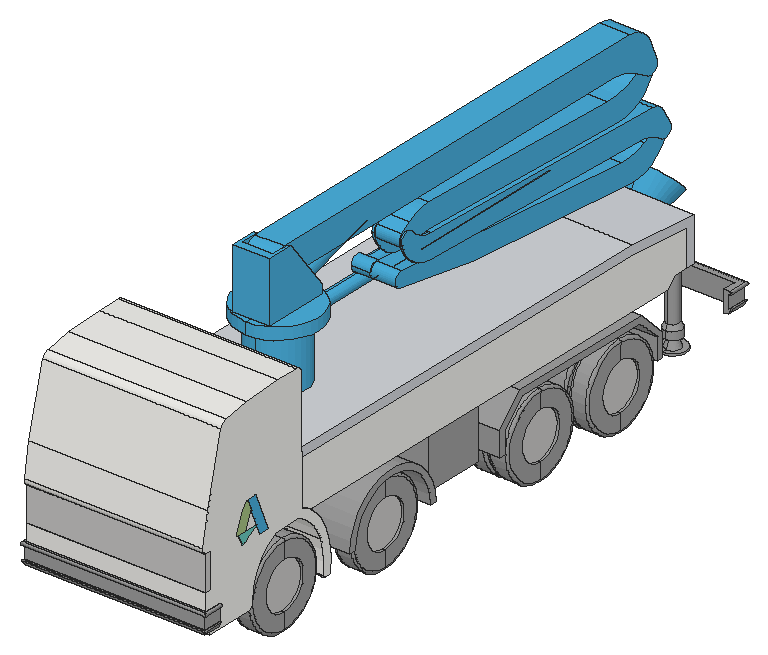
Revit family "CONCRETE BOOM PUMP TRUCK-5-2 2020", category Entourage, Revit 2020 (continued)
Automatic sketch dimensions
  plane 3 "Mitte (links/rechts)" to Sweep 33 sketch curve = 340 mm
  Sweep 33 sketch curve to Sweep 33 sketch curve = 474.518 mm
  Sweep 33 sketch curve to Sweep 33 sketch curve = 278.708 mm
  plane 5 to Extrusion 36 sketch curve = 1676.281 mm
  Extrusion 36 sketch curve to plane 4 = 1678.929 mm
  Extrusion 36 sketch curve to plane 13 "Anschluss 2" = 352.055 mm
  Extrusion 36 sketch curve to Extrusion 36 sketch curve = 320.757 mm
  Extrusion 36 sketch curve to Extrusion 36 sketch curve = 120.33 mm  (x2)
  Extrusion 36 sketch curve to Extrusion 36 sketch curve = 0 mm
  plane 3 "Mitte (links/rechts)" to Extrusion 46 sketch curve = 270 mm
  Extrusion 46 sketch curve to plane 4 = 1673.69 mm
  Extrusion 46 sketch curve to plane 3 "Mitte (links/rechts)" = 270 mm
  Extrusion 46 sketch curve to plane 4 = 648.83 mm
  Extrusion 36 sketch curve to Extrusion 36 sketch curve = 589.342 mm
  Extrusion 36 sketch curve to plane 13 "Anschluss 2" = 272.431 mm
  Extrusion 36 sketch curve to Extrusion 36 sketch curve = 9.834 mm
  Extrusion 36 sketch curve to Extrusion 36 sketch curve = 484.475 mm
  Extrusion 47 sketch curve to plane 4 = 1678.929 mm
  Extrusion 47 sketch curve to plane 4 = 768.83 mm
  plane 5 to Extrusion 47 sketch curve = 1666.447 mm
  Extrusion 47 sketch curve to Extrusion 47 sketch curve = 484.475 mm
  Extrusion 47 sketch curve to Extrusion 47 sketch curve = 120 mm  (x2)
  Extrusion 47 sketch curve to Extrusion 47 sketch curve = 109.96 mm
  Extrusion 47 sketch curve to plane 13 "Anschluss 2" = 242.095 mm
  Extrusion 47 sketch curve to Extrusion 47 sketch curve = 2.092 mm
  Extrusion 47 sketch curve to Extrusion 47 sketch curve = 5.239 mm
  Extrusion 47 sketch curve to plane 13 "Anschluss 2" = 152.431 mm
  curve 3 to plane 3 "Mitte (links/rechts)" = 0 mm
  plane 1 "Mitte (Vorne/hinten)" to curve 3 = 1785.913 mm
  Extrusion 37 sketch curve to plane 6 = 227.647 mm
  plane 1 "Mitte (Vorne/hinten)" to Extrusion 37 sketch curve = 2167.053 mm
  Extrusion 37 sketch curve to Extrusion 37 sketch curve = 5538.898 mm
  Extrusion 37 sketch curve to Extrusion 37 sketch curve = 270.651 mm
  Extrusion 37 sketch curve to Extrusion 37 sketch curve = 49.324 mm
  Extrusion 37 sketch curve to Extrusion 37 sketch curve = 258.307 mm
  Extrusion 37 sketch curve to Extrusion 37 sketch curve = 48.481 mm
  Extrusion 37 sketch curve to Extrusion 37 sketch curve = 0.971 mm
  Extrusion 37 sketch curve to Extrusion 37 sketch curve = 93.969 mm
  Extrusion 37 sketch curve to Extrusion 37 sketch curve = 200.637 mm
  Extrusion 37 sketch curve to Extrusion 37 sketch curve = 250.032 mm
  Extrusion 37 sketch curve to Extrusion 37 sketch curve = 104.024 mm
  Extrusion 37 sketch curve to Extrusion 37 sketch curve = 255.51 mm
  Extrusion 37 sketch curve to Extrusion 37 sketch curve = 34.202 mm
  plane 1 "Mitte (Vorne/hinten)" to Extrusion 38 sketch curve = 972.62 mm
  plane 12 "Anschluss" to Extrusion 38 sketch curve = 1739.763 mm
  Extrusion 38 sketch curve to Extrusion 38 sketch curve = 258.307 mm
  Extrusion 38 sketch curve to Extrusion 38 sketch curve = 48.481 mm
  Extrusion 38 sketch curve to Extrusion 38 sketch curve = 0.971 mm
  Extrusion 38 sketch curve to Extrusion 38 sketch curve = 93.969 mm
  Extrusion 38 sketch curve to Extrusion 38 sketch curve = 21.518 mm
  Extrusion 38 sketch curve to Extrusion 38 sketch curve = 34.202 mm
  Extrusion 38 sketch curve to Extrusion 38 sketch curve = 255.51 mm
  Extrusion 39 sketch curve to plane 1 "Mitte (Vorne/hinten)" = 482.651 mm
  plane 12 "Anschluss" to Extrusion 39 sketch curve = 5755.411 mm
  Extrusion 39 sketch curve to Extrusion 39 sketch curve = 55.919 mm
  Extrusion 39 sketch curve to Extrusion 39 sketch curve = 17.365 mm
  Extrusion 39 sketch curve to Extrusion 39 sketch curve = 132.611 mm
  Extrusion 39 sketch curve to Extrusion 39 sketch curve = 166.183 mm
  Extrusion 39 sketch curve to Extrusion 39 sketch curve = 166.702 mm
  Extrusion 39 sketch curve to Extrusion 39 sketch curve = 195.107 mm
  Extrusion 39 sketch curve to Extrusion 39 sketch curve = 200.206 mm
  Extrusion 39 sketch curve to Extrusion 39 sketch curve = 13.747 mm
  Extrusion 39 sketch curve to Extrusion 39 sketch curve = 3005.253 mm
  Extrusion 39 sketch curve to Extrusion 39 sketch curve = 33.28 mm
  Extrusion 39 sketch curve to Extrusion 39 sketch curve = 179.89 mm
  Extrusion 39 sketch curve to Extrusion 39 sketch curve = 201.363 mm
  Extrusion 39 sketch curve to Extrusion 39 sketch curve = 490.521 mm
  Extrusion 39 sketch curve to Extrusion 39 sketch curve = 82.904 mm
  Extrusion 39 sketch curve to Extrusion 39 sketch curve = 43.302 mm
  Extrusion 39 sketch curve to Extrusion 39 sketch curve = 29.303 mm
  Extrusion 39 sketch curve to Extrusion 39 sketch curve = 111.708 mm
  Extrusion 39 sketch curve to Extrusion 39 sketch curve = 220.151 mm
  Extrusion 39 sketch curve to Extrusion 39 sketch curve = 326.282 mm
  Extrusion 39 sketch curve to Extrusion 39 sketch curve = 89.447 mm
  Extrusion 39 sketch curve to Extrusion 39 sketch curve = 457.136 mm
  Extrusion 39 sketch curve to Extrusion 39 sketch curve = 288.606 mm
  Extrusion 39 sketch curve to Extrusion 39 sketch curve = 664.42 mm
  Extrusion 39 sketch curve to Extrusion 39 sketch curve = 58.066 mm
  Extrusion 40 sketch curve to plane 1 "Mitte (Vorne/hinten)" = 384.836 mm
  plane 12 "Anschluss" to Extrusion 40 sketch curve = 5671.544 mm
  Extrusion 40 sketch curve to Extrusion 40 sketch curve = 372.593 mm
  Extrusion 40 sketch curve to Extrusion 40 sketch curve = 11.161 mm
  Extrusion 40 sketch curve to Extrusion 40 sketch curve = 6.271 mm
  Extrusion 40 sketch curve to Extrusion 40 sketch curve = 8.099 mm
  Extrusion 40 sketch curve to Extrusion 40 sketch curve = 3595.417 mm
  Extrusion 40 sketch curve to Extrusion 40 sketch curve = 13.262 mm
  Extrusion 40 sketch curve to Extrusion 40 sketch curve = 141.699 mm
  Extrusion 40 sketch curve to Extrusion 40 sketch curve = 6.98 mm
  Extrusion 40 sketch curve to Extrusion 40 sketch curve = 43.129 mm
  Extrusion 40 sketch curve to Extrusion 40 sketch curve = 114.405 mm
  Extrusion 40 sketch curve to Extrusion 40 sketch curve = 164.494 mm
  Extrusion 40 sketch curve to Extrusion 40 sketch curve = 52.129 mm
  Extrusion 40 sketch curve to Extrusion 40 sketch curve = 85.737 mm
  Extrusion 40 sketch curve to Extrusion 40 sketch curve = 90.178 mm
  Extrusion 40 sketch curve to Extrusion 40 sketch curve = 130.82 mm
  Extrusion 40 sketch curve to Extrusion 40 sketch curve = 96.938 mm
  Extrusion 40 sketch curve to Extrusion 40 sketch curve = 319.61 mm
  Extrusion 40 sketch curve to Extrusion 40 sketch curve = 206.431 mm
  Extrusion 40 sketch curve to Extrusion 40 sketch curve = 114.93 mm
  Extrusion 40 sketch curve to Extrusion 40 sketch curve = 51.47 mm
  Extrusion 40 sketch curve to Extrusion 40 sketch curve = 69.885 mm
  Extrusion 40 sketch curve to Extrusion 40 sketch curve = 179.571 mm
  Extrusion 40 sketch curve to Extrusion 40 sketch curve = 231.935 mm
  Extrusion 40 sketch curve to Extrusion 40 sketch curve = 99.524 mm
  plane 4 to Extrusion 41 sketch curve = 1583.687 mm
  plane 12 "Anschluss" to Extrusion 41 sketch curve = 14371.917 mm
  Extrusion 41 sketch curve to Extrusion 41 sketch curve = 16.676 mm
  Extrusion 41 sketch curve to Extrusion 41 sketch curve = 8.771 mm
  Extrusion 41 sketch curve to Extrusion 41 sketch curve = 1234.379 mm
  Extrusion 41 sketch curve to Extrusion 41 sketch curve = 2496.912 mm
  Extrusion 41 sketch curve to Extrusion 41 sketch curve = 64.495 mm
  Extrusion 41 sketch curve to Extrusion 41 sketch curve = 160.885 mm
  Extrusion 41 sketch curve to Extrusion 41 sketch curve = 209.692 mm
  Extrusion 41 sketch curve to Extrusion 41 sketch curve = 180.525 mm
  Extrusion 41 sketch curve to Extrusion 41 sketch curve = 254.081 mm
  Extrusion 41 sketch curve to Extrusion 41 sketch curve = 5.996 mm
  Extrusion 41 sketch curve to Extrusion 41 sketch curve = 44.016 mm
  Extrusion 41 sketch curve to Extrusion 41 sketch curve = 78.679 mm
  Extrusion 41 sketch curve to Extrusion 41 sketch curve = 17.236 mm
  Extrusion 41 sketch curve to Extrusion 41 sketch curve = 34.76 mm
  Extrusion 41 sketch curve to Extrusion 41 sketch curve = 61.722 mm
  Extrusion 41 sketch curve to Extrusion 41 sketch curve = 72.726 mm
  Extrusion 41 sketch curve to Extrusion 41 sketch curve = 207.416 mm
  Extrusion 41 sketch curve to Extrusion 41 sketch curve = 148.76 mm
  Extrusion 41 sketch curve to Extrusion 41 sketch curve = 315.222 mm
  Extrusion 41 sketch curve to Extrusion 41 sketch curve = 99.244 mm
  Extrusion 42 sketch curve to plane 4 = 1514.849 mm
  plane 12 "Anschluss" to Extrusion 42 sketch curve = 9721.454 mm
  Extrusion 42 sketch curve to Extrusion 42 sketch curve = 96.372 mm
  Extrusion 42 sketch curve to Extrusion 42 sketch curve = 101.718 mm
  Extrusion 42 sketch curve to Extrusion 42 sketch curve = 114.405 mm
  Extrusion 42 sketch curve to Extrusion 42 sketch curve = 128.344 mm
  Extrusion 42 sketch curve to Extrusion 42 sketch curve = 52.129 mm
  Extrusion 42 sketch curve to Extrusion 42 sketch curve = 85.737 mm
  Extrusion 42 sketch curve to Extrusion 42 sketch curve = 254.4 mm
  Extrusion 42 sketch curve to Extrusion 42 sketch curve = 69.885 mm
  Extrusion 42 sketch curve to Extrusion 42 sketch curve = 85.338 mm
  Extrusion 42 sketch curve to Extrusion 42 sketch curve = 206.431 mm
  plane 4 to Extrusion 43 sketch curve = 1639.176 mm
  plane 12 "Anschluss" to Extrusion 43 sketch curve = 14351.787 mm
  Extrusion 44 sketch curve to plane 1 "Mitte (Vorne/hinten)" = 384.836 mm
  plane 12 "Anschluss" to Extrusion 44 sketch curve = 5671.544 mm
  Extrusion 44 sketch curve to Extrusion 44 sketch curve = 175.763 mm
  Extrusion 44 sketch curve to Extrusion 44 sketch curve = 205.391 mm
  Extrusion 44 sketch curve to Extrusion 44 sketch curve = 82.885 mm
  Extrusion 44 sketch curve to Extrusion 44 sketch curve = 221.984 mm
  Extrusion 44 sketch curve to Extrusion 44 sketch curve = 69.791 mm
  Extrusion 44 sketch curve to Extrusion 44 sketch curve = 207.711 mm
  Extrusion 44 sketch curve to Extrusion 44 sketch curve = 202.978 mm
  Extrusion 44 sketch curve to Extrusion 44 sketch curve = 80.291 mm
  Sweep 45 sketch curve to plane 6 = 589.133 mm
  plane 1 "Mitte (Vorne/hinten)" to Sweep 45 sketch curve = 1373.889 mm
  Sweep 45 sketch curve to Sweep 45 sketch curve = 1610.648 mm
  Sweep 45 sketch curve to Sweep 45 sketch curve = 2905.686 mm
  Sweep 45 sketch curve to plane 3 "Mitte (links/rechts)" = 0 mm
  Sweep 45 sketch curve to profile plane = 0 mm
  plane 4 to Extrusion 48 sketch curve = 4874.107 mm
  plane 12 "Anschluss" to Extrusion 48 sketch curve = 18731.057 mm
  Extrusion 48 sketch curve to Extrusion 48 sketch curve = 16.676 mm
  Extrusion 48 sketch curve to Extrusion 48 sketch curve = 8.771 mm
  Extrusion 48 sketch curve to Extrusion 48 sketch curve = 1234.379 mm
  Extrusion 48 sketch curve to Extrusion 48 sketch curve = 2496.912 mm
  Extrusion 48 sketch curve to Extrusion 48 sketch curve = 64.495 mm
  Extrusion 48 sketch curve to Extrusion 48 sketch curve = 160.885 mm
  Extrusion 48 sketch curve to Extrusion 48 sketch curve = 209.692 mm
  Extrusion 48 sketch curve to Extrusion 48 sketch curve = 180.525 mm
  Extrusion 48 sketch curve to Extrusion 48 sketch curve = 254.081 mm
  Extrusion 48 sketch curve to Extrusion 48 sketch curve = 5.996 mm
  Extrusion 48 sketch curve to Extrusion 48 sketch curve = 44.016 mm
  Extrusion 48 sketch curve to Extrusion 48 sketch curve = 78.679 mm
  Extrusion 48 sketch curve to Extrusion 48 sketch curve = 17.236 mm
  Extrusion 48 sketch curve to Extrusion 48 sketch curve = 34.76 mm
  Extrusion 48 sketch curve to Extrusion 48 sketch curve = 61.722 mm
  Extrusion 48 sketch curve to Extrusion 48 sketch curve = 72.726 mm
  Extrusion 48 sketch curve to Extrusion 48 sketch curve = 207.416 mm
  Extrusion 48 sketch curve to Extrusion 48 sketch curve = 148.76 mm
  Extrusion 48 sketch curve to Extrusion 48 sketch curve = 315.222 mm
  Extrusion 48 sketch curve to Extrusion 48 sketch curve = 99.244 mm
  plane 4 to Extrusion 49 sketch curve = 4929.595 mm
  plane 12 "Anschluss" to Extrusion 49 sketch curve = 18710.927 mm
  plane 4 to Extrusion 51 sketch curve = 9210.044 mm
  plane 6 to Extrusion 51 sketch curve = 20247.837 mm
  Extrusion 51 sketch curve to Extrusion 51 sketch curve = 16.676 mm
  Extrusion 51 sketch curve to Extrusion 51 sketch curve = 8.771 mm
  Extrusion 51 sketch curve to Extrusion 51 sketch curve = 1234.379 mm
  Extrusion 51 sketch curve to Extrusion 51 sketch curve = 2496.912 mm
  Extrusion 51 sketch curve to Extrusion 51 sketch curve = 64.495 mm
  Extrusion 51 sketch curve to Extrusion 51 sketch curve = 160.885 mm
  Extrusion 51 sketch curve to Extrusion 51 sketch curve = 209.692 mm
  Extrusion 51 sketch curve to Extrusion 51 sketch curve = 180.525 mm
  Extrusion 51 sketch curve to Extrusion 51 sketch curve = 254.081 mm
  Extrusion 51 sketch curve to Extrusion 51 sketch curve = 5.996 mm
  Extrusion 51 sketch curve to Extrusion 51 sketch curve = 44.016 mm
  Extrusion 51 sketch curve to Extrusion 51 sketch curve = 78.679 mm
  Extrusion 51 sketch curve to Extrusion 51 sketch curve = 17.236 mm
  Extrusion 51 sketch curve to Extrusion 51 sketch curve = 34.76 mm
  Extrusion 51 sketch curve to Extrusion 51 sketch curve = 61.722 mm
  Extrusion 51 sketch curve to Extrusion 51 sketch curve = 72.726 mm
  Extrusion 51 sketch curve to Extrusion 51 sketch curve = 207.416 mm
  Extrusion 51 sketch curve to Extrusion 51 sketch curve = 148.76 mm
  Extrusion 51 sketch curve to Extrusion 51 sketch curve = 315.222 mm
  Extrusion 51 sketch curve to Extrusion 51 sketch curve = 99.244 mm
  plane 4 to Sweep 50 sketch curve = 9208.951 mm
  plane 6 to Sweep 50 sketch curve = 20172.147 mm
  Sweep 50 sketch curve to Sweep 50 sketch curve = 7159.832 mm
  Sweep 50 sketch curve to Sweep 50 sketch curve = 3338.684 mm
  Sweep 50 sketch curve to profile plane = 0 mm
  plane 11 "Rohr 1" to Sweep 50 sketch curve = 180 mm
  radius of Sweep 30 sketch curve = 80 mm
  radius of Extrusion 31 sketch curve = 100.636 mm
  radius of Sweep 32 sketch curve = 80 mm
  radius of Sweep 33 sketch curve = 80 mm
  radius of Sweep 35 sketch curve = 80 mm
  radius of Extrusion 43 sketch curve = 100.636 mm
  radius of Sweep 45 sketch curve = 80 mm
  radius of Extrusion 49 sketch curve = 100.636 mm
  radius of Sweep 50 sketch curve = 80 mm
Nested families
  nested 1: "Reifen 1" at (1027, -3129.048, 560), type "Reifen 1"
  nested 2: "Reifen 1" at (1027, -1429.048, 560), type "Reifen 1"
  nested 3: "Reifen 1" at (-1027, -3129.048, 560) x (-1, 0, 0) z (0, 0, 1), type "Reifen 1"
  nested 4: "Reifen 1" at (1123, 1070.952, 560), type "Reifen 1"
  nested 5: "Reifen 1" at (1123, 2420.952, 560), type "Reifen 1"
  nested 6: "Reifen 1" at (822, 1070.952, 560), type "Reifen 1"
  nested 7: "Reifen 1" at (822, 2420.952, 560), type "Reifen 1"
  nested 8: "Reifen 1" at (-1027, -1429.048, 560) x (-1, 0, 0) z (0, 0, 1), type "Reifen 1"
  nested 9: "Reifen 1" at (-1123, 1070.952, 560) x (-1, 0, 0) z (0, 0, 1), type "Reifen 1"
  nested 10: "Reifen 1" at (-1123, 2420.952, 560) x (-1, 0, 0) z (0, 0, 1), type "Reifen 1"
  nested 11: "Reifen 1" at (-822, 1070.952, 560) x (-1, 0, 0) z (0, 0, 1), type "Reifen 1"
  nested 12: "Reifen 1" at (-822, 2420.952, 560) x (-1, 0, 0) z (0, 0, 1), type "Reifen 1"
  nested 13: "Autodesk Logo_500 mm" at (-1201, -3981.222, 1406.735) x (0, 1, 0) z (1, 0, 0), type "Autodesk Farben"
  nested 14: "Autodesk Logo_500 mm" at (1200, -3981.222, 1406.735) x (0, 1, 0) z (1, 0, 0), type "Autodesk Farben"
Definition of nested family "Reifen 1"
  Parameters (values of type "Reifen 1")
    Breite = 260 mm
    Reifen 1 = none
    Radius = 560 mm
    Radkappe = none
  Reference planes
    plane 1 "Mitte (Vorne/hinten)": y = 0
    plane 2: z = 0
    plane 3 "Mitte (links/rechts)": x = 0
    plane 4: x = -130
    plane 5: x = 130
    plane 6: z = 560
    plane 7: x = -85
    plane 8: x = 85
  Forms (mm)
    Revolve 1, solid, material <- "Reifen 1"
      sketch origin (0, 0, 0) x (1, 0, 0) y (0, 0, 1)
        loop
          line (-130, 320) -> (130, 320) -> (130, 530)
          arc (130, 530) -> (121.213, 551.213) -> (100, 560) r 30
          line (100, 560) -> (-100, 560)
          arc (-100, 560) -> (-121.213, 551.213) -> (-130, 530) r 30
          line (-130, 530) -> (-130, 320)
        axis (-130, 0) -> (130, 0)
      angle from 0 to 360
    Extrusion 2, solid, material <- "Radkappe"
      sketch origin (0, 0, 0) x (0, 1, 0) y (0, 0, 1)
        loop
          circle (0, 0) r 320
      from -85 to 85
  Dimensions and locks
    equal spacing: plane 5, plane 3 "Mitte (links/rechts)", plane 4
    "Breite": plane 5 to plane 4
    "Radius": plane 6 to plane 2
    Revolve 1 sketch curve to Revolve 1 sketch curve = 240 mm
    equal spacing: plane 8, plane 3 "Mitte (links/rechts)", plane 7, locked at 85 each
    aligned and locked: Revolve 1 sketch curve to level
    aligned and locked: plane 4 to Revolve 1 sketch curve
    aligned and locked: Revolve 1 sketch curve to plane 6
    aligned and locked: Revolve 1 sketch curve to plane 5
    aligned and locked: Extrusion 2 sketch curve to Revolve 1
    aligned and locked: Extrusion 2 to plane 7
    aligned and locked: plane 8 to Extrusion 2
  Automatic sketch dimensions
    Revolve 1 sketch curve to plane 4 = 1003.885 mm
    Revolve 1 sketch curve to Revolve 1 sketch curve = 30 mm
    Revolve 1 sketch curve to plane 5 = 30 mm
    plane 5 to Revolve 1 sketch curve = 1550.877 mm
Definition of nested family "Autodesk Logo_500 mm"
  Parameters (values of type "Autodesk Farben")
    Default Elevation = 0 mm  # constant formula
    Schriftdicke = 2 mm
    Material 3 = none
    Material 2 = none
    Material 1 = none
  Types (2): name
    Autodesk Farben
    Edelstahl
  Reference planes
    plane 1 "Unten": y = 0
    plane 2: z = 0
    plane 3: x = 0
    plane 4: y = 500
    plane 5: x = 525.112
    plane 6: x = 262.556
    plane 7: y = 250
  Forms (mm)
    Extrusion 1, solid, material <- "Material 3"
      sketch origin (0, 0, 0) x (1, 0, 0) y (0, 1, 0)
        loop
          line (384.477, 0) -> (525.112, 0) -> (320.842, 484.709)
          arc (320.842, 484.709) -> (311.63, 495.829) -> (297.805, 500) r 25
          line (297.805, 500) -> (157.778, 500)
          arc (157.778, 500) -> (144.754, 496.061) -> (136.096, 485.564) r 23.5
          arc (136.096, 485.564) -> (159.414, 498.111) -> (181.014, 482.795) r 25.117
          line (181.014, 482.795) -> (384.477, 0)
      from 0 to 2 <- "Schriftdicke"
    Extrusion 2, solid, material <- "Material 2"
      sketch origin (0, 0, 0) x (1, 0, 0) y (0, 1, 0)
        loop
          line (29.367, 127.582) -> (126.25, 127.582) -> (228.48, 370.163) -> (181.014, 482.795)
          arc (181.014, 482.795) -> (159.414, 498.111) -> (136.096, 485.564) r 25.117
          line (136.096, 485.564) -> (2.372, 168.252)
          arc (2.372, 168.252) -> (4.96, 140.676) -> (29.367, 127.582) r 29.294
      from 0 to 2 <- "Schriftdicke"
    Extrusion 3, solid, material <- "Material 1"
      sketch origin (0, 0, 0) x (1, 0, 0) y (0, 1, 0)
        loop
          arc (29.367, 127.582) -> (14.28, 131.766) -> (3.502, 143.122) r 29.294
          line (3.502, 143.122) -> (72.407, 13.546)
          arc (72.407, 13.546) -> (79.707, 5.116) -> (89.946, 0.699) r 25
          arc (89.946, 0.699) -> (103.592, -0.102) -> (117.019, 2.464) r 55.379
          arc (117.019, 2.464) -> (144.139, 13.109) -> (169.748, 27.001) r 237.079
          line (169.748, 27.001) -> (330.711, 127.582) -> (29.367, 127.582)
      from 0 to 2 <- "Schriftdicke"
  Dimensions and locks
    aligned and locked: level to plane 2
